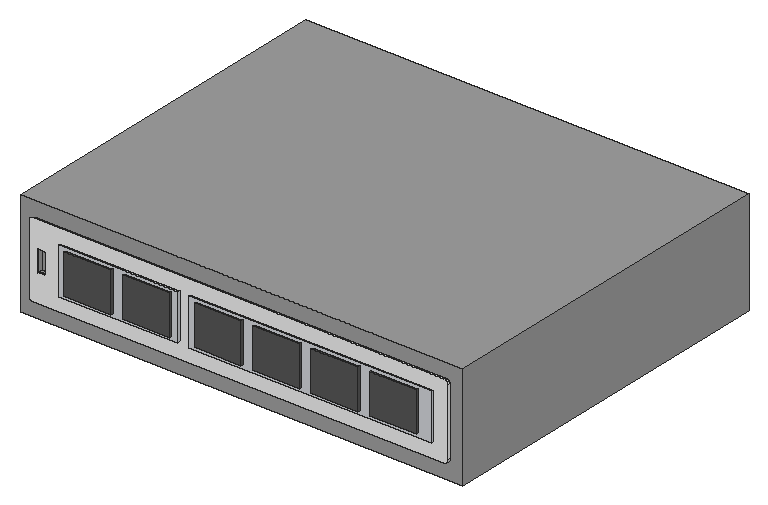
Revit family "BAS-IP_Коммутатор_SH-20-4", category Устройства связи, Revit 2019
Family settings
  Сохранять ориентацию аннотаций = Нет
  Размер круглого соединителя = Использовать диаметр
  Тип детали = Нормальный
  На основе рабочей плоскости = Нет
  Всегда вертикально = Да
  При загрузке вырезать с полостями = Нет
  Общий = Нет
  Точка расчета площади = Нет
Parameters (values of type "SH-20.4")
  УГО_Смещение_Y [instance] = 0 mm
  УГО_Смещение_X [instance] = 0 mm
  Максимальная суммарная мощность всех портов = "62 Вт"
  Температурный режим = "-20 – +55 °С"
  Максимальная мощность на каждом порту с PoE = "15,4 Вт"
  Максимальная длина кабеля при подключении к портам с PoE = "100 м"
  Количество портов PoE = "4 x 10/100Base-TX, 8P8C Auto-MDI / MDI-X (IEEE 802.3af)"
  Источник питания = "Внешний 48 В, 1,25 А (в комплекте)"
  Габаритные размеры = "118 × 95 × 28 мм"
  Уровень коммутатора = "1 (неуправляемый)"
  Метод подачи питания на портах с PoE = "Метод B"
  Изготовитель = "BAS-IP"  # constant formula
  Количество портов UpLink = "2 x 10/100Base-TX / 8P8C Auto-MDI / MDI-X"
  ADSK_Размер_Смещение от уровня [instance] = 1000 mm
  ADSK_Примечание [instance] = ""
  ADSK_Позиция [instance] = ""
  ADSK_Наименование = "PoE коммутатор на 4 порта"
  ADSK_Материал = Gray
  ADSK_Марка = "SH-20.4"
  ADSK_Количество = 1  # constant formula
  ADSK_Код изделия = ""
  ADSK_Завод-изготовитель = "BAS-IP"  # constant formula
  ADSK_Единица измерения = "шт."  # constant formula
Reference planes
  plane 1 "По центру (Вперед/Назад)": y = 0
  plane 2: z = 0
  plane 3 "По центру (Влево/Вправо)": x = 0
  plane 4: z = 1000
  plane 5: z = 0
  plane 6: x = 0
  plane 7: y = 0
Forms (mm)
  Extrusion 1, solid, material "Gray" <- "ADSK_Материал", not visible, detail levels medium+fine
    sketch origin (0, 0, 0) x (1, 0, 0) y (0, 1, 0)
      loop
        line (-59, 0) -> (-59, -95) -> (59, -95) -> (59, 0) -> (-59, 0)
    from 0 to 28
  Extrusion 2, void, not visible, detail levels fine
    sketch origin (0, 0, 0) x (1, 0, 0) y (0, 0, 1)
      loop
        line (-54.052, 17.169) -> (-54.052, 11.32) -> (-51.882, 11.32) -> (-51.882, 17.169) -> (-54.052, 17.169)
    from 94 to 95.5
  Extrusion 3, solid, material "White", not visible, detail levels fine
    sketch origin (117.603, 0.5, 0) x (1, 0, 0) y (0, 0, 1)
      loop
        arc (-172.72, 24.106) -> (-173.427, 23.813) -> (-173.72, 23.106) r 1
        line (-173.72, 23.106) -> (-173.72, 5.106)
        arc (-173.72, 5.106) -> (-173.427, 4.399) -> (-172.72, 4.106) r 1
        line (-172.72, 4.106) -> (-63.219, 4.106)
        arc (-63.219, 4.106) -> (-62.512, 4.399) -> (-62.219, 5.106) r 1
        line (-62.219, 5.106) -> (-62.219, 23.106)
        arc (-62.219, 23.106) -> (-62.512, 23.813) -> (-63.219, 24.106) r 1
        line (-63.219, 24.106) -> (-172.72, 24.106)
    from 95 to 96
  Extrusion 4, solid, not visible, detail levels fine
    sketch origin (117.249, 0, 0) x (1, 0, 0) y (0, 0, 1)
      loop
        line (-165.221, 20.358) -> (-165.221, 8.045) -> (-133.468, 8.045) -> (-133.468, 20.358) -> (-165.221, 20.358)
    from 95 to 96
  Extrusion 5, solid, not visible, detail levels fine
    sketch origin (150.682, 0, 0) x (1, 0, 0) y (0, 0, 1)
      loop
        line (-163.972, 20.358) -> (-163.972, 8.045) -> (-99.314, 8.045) -> (-99.314, 20.358) -> (-163.972, 20.358)
    from 95 to 96
  Extrusion 6, solid, material "Black", not visible, detail levels fine
    sketch origin (115.887, 0, -0.358) x (1, 0, 0) y (0, 0, 1)
      loop
        line (-162, 19.946) -> (-162, 9.348) -> (-149.523, 9.348) -> (-149.523, 19.946) -> (-162, 19.946)
    from 95 to 96.5
  Extrusion 7, solid, material "Black", not visible, detail levels fine
    sketch origin (131.473, 0, -0.358) x (1, 0, 0) y (0, 0, 1)
      loop
        line (-162, 19.946) -> (-162, 9.348) -> (-149.523, 9.348) -> (-149.523, 19.946) -> (-162, 19.946)
    from 95 to 96.5
  Extrusion 8, solid, material "Black", not visible, detail levels fine
    sketch origin (150.569, 0, -0.358) x (1, 0, 0) y (0, 0, 1)
      loop
        line (-162, 19.946) -> (-162, 9.348) -> (-149.523, 9.348) -> (-149.523, 19.946) -> (-162, 19.946)
    from 95 to 96.5
  Extrusion 9, solid, material "Black", not visible, detail levels fine
    sketch origin (166.155, 0, -0.358) x (1, 0, 0) y (0, 0, 1)
      loop
        line (-162, 19.946) -> (-162, 9.348) -> (-149.523, 9.348) -> (-149.523, 19.946) -> (-162, 19.946)
    from 95 to 96.5
  Extrusion 10, solid, material "Black", not visible, detail levels fine
    sketch origin (181.741, 0, -0.358) x (1, 0, 0) y (0, 0, 1)
      loop
        line (-162, 19.946) -> (-162, 9.348) -> (-149.523, 9.348) -> (-149.523, 19.946) -> (-162, 19.946)
    from 95 to 96.5
  Extrusion 11, solid, material "Black", not visible, detail levels fine
    sketch origin (197.327, 0, -0.358) x (1, 0, 0) y (0, 0, 1)
      loop
        line (-162, 19.946) -> (-162, 9.348) -> (-149.523, 9.348) -> (-149.523, 19.946) -> (-162, 19.946)
    from 95 to 96.5
  Extrusion 12, solid, material "Gray" <- "ADSK_Материал", detail levels medium+fine
    sketch origin (0, 0, 1000) x (1, 0, 0) y (0, 1, 0)
      loop
        line (-59, 0) -> (-59, -95) -> (59, -95) -> (59, 0) -> (-59, 0)
    from 0 to 28
  Extrusion 13, void, detail levels fine
    sketch origin (0, 0, 1000) x (1, 0, 0) y (0, 0, 1)
      loop
        line (-54.052, 17.169) -> (-54.052, 11.32) -> (-51.882, 11.32) -> (-51.882, 17.169) -> (-54.052, 17.169)
    from 94 to 95.5
  Extrusion 14, solid, material "White", detail levels fine
    sketch origin (117.603, 0.5, 1000) x (1, 0, 0) y (0, 0, 1)
      loop
        arc (-172.72, 24.106) -> (-173.427, 23.813) -> (-173.72, 23.106) r 1
        line (-173.72, 23.106) -> (-173.72, 5.106)
        arc (-173.72, 5.106) -> (-173.427, 4.399) -> (-172.72, 4.106) r 1
        line (-172.72, 4.106) -> (-63.219, 4.106)
        arc (-63.219, 4.106) -> (-62.512, 4.399) -> (-62.219, 5.106) r 1
        line (-62.219, 5.106) -> (-62.219, 23.106)
        arc (-62.219, 23.106) -> (-62.512, 23.813) -> (-63.219, 24.106) r 1
        line (-63.219, 24.106) -> (-172.72, 24.106)
    from 95 to 96
  Extrusion 15, solid, detail levels fine
    sketch origin (117.249, 0, 1000) x (1, 0, 0) y (0, 0, 1)
      loop
        line (-165.221, 20.358) -> (-165.221, 8.045) -> (-133.468, 8.045) -> (-133.468, 20.358) -> (-165.221, 20.358)
    from 95 to 96
  Extrusion 16, solid, detail levels fine
    sketch origin (150.682, 0, 1000) x (1, 0, 0) y (0, 0, 1)
      loop
        line (-163.972, 20.358) -> (-163.972, 8.045) -> (-99.314, 8.045) -> (-99.314, 20.358) -> (-163.972, 20.358)
    from 95 to 96
  Extrusion 17, solid, material "Black", detail levels fine
    sketch origin (115.887, 0, 999.642) x (1, 0, 0) y (0, 0, 1)
      loop
        line (-162, 19.946) -> (-162, 9.348) -> (-149.523, 9.348) -> (-149.523, 19.946) -> (-162, 19.946)
    from 95 to 96.5
  Extrusion 18, solid, material "Black", detail levels fine
    sketch origin (131.473, 0, 999.642) x (1, 0, 0) y (0, 0, 1)
      loop
        line (-162, 19.946) -> (-162, 9.348) -> (-149.523, 9.348) -> (-149.523, 19.946) -> (-162, 19.946)
    from 95 to 96.5
  Extrusion 19, solid, material "Black", detail levels fine
    sketch origin (150.569, 0, 999.642) x (1, 0, 0) y (0, 0, 1)
      loop
        line (-162, 19.946) -> (-162, 9.348) -> (-149.523, 9.348) -> (-149.523, 19.946) -> (-162, 19.946)
    from 95 to 96.5
  Extrusion 20, solid, material "Black", detail levels fine
    sketch origin (166.155, 0, 999.642) x (1, 0, 0) y (0, 0, 1)
      loop
        line (-162, 19.946) -> (-162, 9.348) -> (-149.523, 9.348) -> (-149.523, 19.946) -> (-162, 19.946)
    from 95 to 96.5
  Extrusion 21, solid, material "Black", detail levels fine
    sketch origin (181.741, 0, 999.642) x (1, 0, 0) y (0, 0, 1)
      loop
        line (-162, 19.946) -> (-162, 9.348) -> (-149.523, 9.348) -> (-149.523, 19.946) -> (-162, 19.946)
    from 95 to 96.5
  Extrusion 22, solid, material "Black", detail levels fine
    sketch origin (197.327, 0, 999.642) x (1, 0, 0) y (0, 0, 1)
      loop
        line (-162, 19.946) -> (-162, 9.348) -> (-149.523, 9.348) -> (-149.523, 19.946) -> (-162, 19.946)
    from 95 to 96.5
Cuts and joins
  Extrusion 13 cuts Extrusion 12
  Extrusion 13 cuts Extrusion 14
Dimensions and locks
  "ADSK_Размер_Смещение от уровня": plane 4 to plane 2
  "УГО_Смещение_X": plane 3 "По центру (Влево/Вправо)" to plane 6
  "УГО_Смещение_Y": plane 7 to plane 1 "По центру (Вперед/Назад)"
  aligned and locked: level to plane 2
  aligned and locked: Extrusion 12 to plane 4
  aligned and locked: Extrusion 1 to plane 5
  aligned and locked: plane 6 to nested 1
  aligned and locked: nested 1 to plane 7
Automatic sketch dimensions
  Extrusion 2 sketch curve to Extrusion 2 sketch curve = 2.17 mm
  Extrusion 2 sketch curve to Extrusion 2 sketch curve = 5.849 mm
  Extrusion 3 sketch curve to Extrusion 3 sketch curve = 1 mm  (x3)
  Extrusion 3 sketch curve to Extrusion 3 sketch curve = 18 mm
  Extrusion 4 sketch curve to Extrusion 4 sketch curve = 12.313 mm
  Extrusion 5 sketch curve to Extrusion 5 sketch curve = 12.313 mm
  Extrusion 6 sketch curve to Extrusion 6 sketch curve = 12.477 mm
  Extrusion 6 sketch curve to Extrusion 6 sketch curve = 10.598 mm
  Extrusion 7 sketch curve to Extrusion 7 sketch curve = 12.477 mm
  Extrusion 7 sketch curve to Extrusion 7 sketch curve = 10.598 mm
  Extrusion 8 sketch curve to Extrusion 8 sketch curve = 10.598 mm
  Extrusion 9 sketch curve to Extrusion 9 sketch curve = 12.477 mm
  Extrusion 9 sketch curve to Extrusion 9 sketch curve = 10.598 mm
  Extrusion 10 sketch curve to Extrusion 10 sketch curve = 12.477 mm
  Extrusion 10 sketch curve to Extrusion 10 sketch curve = 10.598 mm
  Extrusion 11 sketch curve to Extrusion 11 sketch curve = 12.477 mm
  Extrusion 11 sketch curve to Extrusion 11 sketch curve = 10.598 mm
  Extrusion 1 sketch curve to Extrusion 1 sketch curve = 118 mm
  Extrusion 1 sketch curve to Extrusion 1 sketch curve = 95 mm
  Extrusion 3 sketch curve to Extrusion 3 sketch curve = 109.502 mm
  Extrusion 3 sketch curve to Extrusion 3 sketch curve = 0 mm
  Extrusion 4 sketch curve to Extrusion 4 sketch curve = 31.752 mm
  Extrusion 5 sketch curve to Extrusion 5 sketch curve = 64.658 mm
  Extrusion 8 sketch curve to Extrusion 8 sketch curve = 12.477 mm
  Extrusion 13 sketch curve to Extrusion 13 sketch curve = 2.17 mm
  Extrusion 13 sketch curve to Extrusion 13 sketch curve = 5.849 mm
  Extrusion 14 sketch curve to Extrusion 14 sketch curve = 1 mm  (x3)
  Extrusion 14 sketch curve to Extrusion 14 sketch curve = 18 mm
  Extrusion 15 sketch curve to Extrusion 15 sketch curve = 12.313 mm
  Extrusion 16 sketch curve to Extrusion 16 sketch curve = 12.313 mm
  Extrusion 17 sketch curve to Extrusion 17 sketch curve = 12.477 mm
  Extrusion 17 sketch curve to Extrusion 17 sketch curve = 10.598 mm
  Extrusion 18 sketch curve to Extrusion 18 sketch curve = 12.477 mm
  Extrusion 18 sketch curve to Extrusion 18 sketch curve = 10.598 mm
  Extrusion 19 sketch curve to Extrusion 19 sketch curve = 10.598 mm
  Extrusion 20 sketch curve to Extrusion 20 sketch curve = 12.477 mm
  Extrusion 20 sketch curve to Extrusion 20 sketch curve = 10.598 mm
  Extrusion 21 sketch curve to Extrusion 21 sketch curve = 12.477 mm
  Extrusion 21 sketch curve to Extrusion 21 sketch curve = 10.598 mm
  Extrusion 22 sketch curve to Extrusion 22 sketch curve = 12.477 mm
  Extrusion 22 sketch curve to Extrusion 22 sketch curve = 10.598 mm
  Extrusion 12 sketch curve to Extrusion 12 sketch curve = 118 mm
  Extrusion 12 sketch curve to Extrusion 12 sketch curve = 95 mm
  Extrusion 14 sketch curve to Extrusion 14 sketch curve = 109.502 mm
  Extrusion 14 sketch curve to Extrusion 14 sketch curve = 0 mm
  Extrusion 15 sketch curve to Extrusion 15 sketch curve = 31.752 mm
  Extrusion 16 sketch curve to Extrusion 16 sketch curve = 64.658 mm
  Extrusion 19 sketch curve to Extrusion 19 sketch curve = 12.477 mm
Nested families
  nested 1: "УГО_Коммутатор" at (0, 0, 0), type "УГО_Коммутатор", detail levels coarse+medium
Connectors
  electrical at (0, 0, 1014)
    settings: on cut or joined group of Extrusion 12, Extrusion 13, index 1, voltage 0 V, apparent load 0 VA, apparent load phase1 0 VA, apparent load phase2 0 VA, apparent load phase3 0 VA, power factor 1, load classification "Прочее", number of poles 1, system type 13, power factor state 1, is connector primary yes, connector utility no, sub classification motor no, connector description ""
Definition of nested family "УГО_Коммутатор"
  Reference planes
    plane 1: y = 0
    plane 2: x = 0
  Lines and regions (mm)
    detail lines
      curve 1: line (-3.5, -5, 0) -> (-3.5, 0, 0)
      curve 2: line (3.5, -5, 0) -> (-3.5, -5, 0)
      curve 3: line (3.5, 0, 0) -> (3.5, -5, 0)
      curve 4: line (-3.5, 0, 0) -> (3.5, 0, 0)
  Text (mm)
    text "SW" at (0.069, -2.443, 0)
